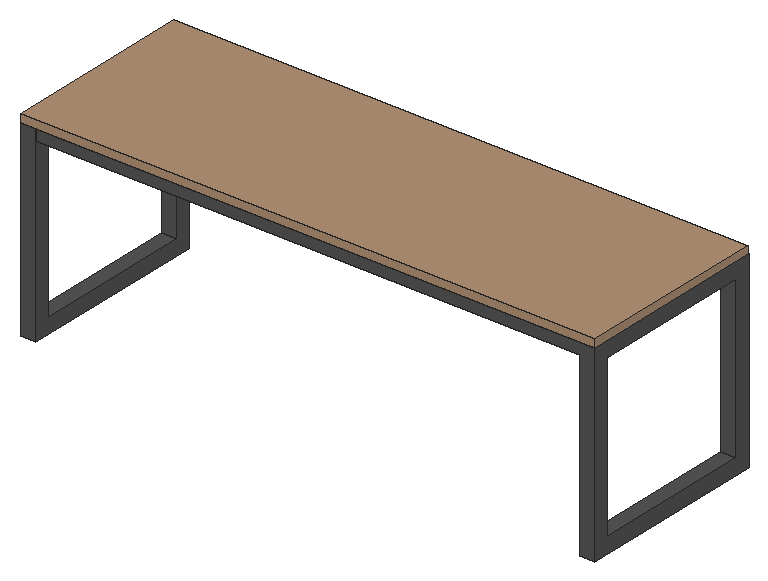
Revit family "Banco de Ferro 1", category Mobiliário, Revit 2019
Family settings
  Número OmniClass = 23.40.20.00
  Título OmniClass = General Furniture and Specialties
  Com base no plano de trabalho = Não
  Sempre na vertical = Sim
  Corte com vazios quando carregada = Não
  Compartilhado = Não
  Ponto de cálculo do ambiente = Não
Parameters
  Tampo = Madeira Rústica
  Profundidade [instance] = 50 cm
  Largura [instance] = 150 cm
  Estrutura = Ferro Preto
Reference planes (cm)
  plane 1 "Centro (Frente/Trás)": y = 0
  plane 2: z = 0
  plane 3 "Centro (Esquerda/Direita)": x = 0
  plane 4: x = 75
  plane 5: y = -50
  plane 6: x = -0.8339
  plane 7: x = -75
Forms (cm)
  Extrusion 1, solid, material "Ferro Preto" <- "Estrutura", not visible
    sketch origin (0, 0, 0) x (0, 1, 0) y (0, 0, 1)
      loop
        line (0, 0) -> (0, 50) -> (-73.3459, 50) -> (-73.3459, 0) -> (0, 0)
      loop
        line (-69.3459, 4) -> (-4, 4) -> (-4, 46) -> (-69.3459, 46) -> (-69.3459, 4)
    from 0 to 4
  Extrusion 2, solid, material "Ferro Preto" <- "Estrutura"
    sketch origin (71, 0, 0) x (0, 1, 0) y (0, 0, 1)
      loop
        line (0, 0) -> (0, 50) -> (-50, 50) -> (-50, 0) -> (0, 0)
      loop
        line (-46, 4) -> (-4, 4) -> (-4, 46) -> (-46, 46) -> (-46, 4)
    from 0 to 4
  Extrusion 3, solid, material "Ferro Preto" <- "Estrutura"
    sketch origin (-75, 0, 47) x (1, 0, 0) y (0, 1, 0)
      loop
        line (0, -50) -> (150, -50) -> (150, 0) -> (0, 0) -> (0, -50)
      loop
        line (147, -3) -> (75.6661, -3) -> (75.6661, -47) -> (147, -47) -> (147, -3)
      loop
        line (3, -3) -> (3, -47) -> (72.6661, -47) -> (72.6661, -3) -> (3, -3)
    from 0 to 3
  Extrusion 4, solid, material "Madeira Rústica" <- "Tampo"
    sketch origin (-75, 0, 50) x (1, 0, 0) y (0, 1, 0)
      loop
        line (0, -50) -> (150, -50) -> (150, 0) -> (0, 0) -> (0, -50)
    from 0 to 2
  Extrusion 5, solid, material "Ferro Preto" <- "Estrutura", not visible
    sketch origin (0, 0, 44) x (1, 0, 0) y (0, 1, 0)
      loop
        line (0, -50) -> (184, -50) -> (184, 0) -> (0, 0) -> (0, -50)
      loop
        line (181, -3) -> (93.5, -3) -> (93.5, -47) -> (181, -47) -> (181, -3)
      loop
        line (3, -3) -> (3, -47) -> (90.5, -47) -> (90.5, -3) -> (3, -3)
    from 0 to 3
  Extrusion 6, solid, material "Madeira Rústica" <- "Tampo", not visible
    sketch origin (0, 0, 47) x (1, 0, 0) y (0, 1, 0)
      loop
        line (4, -50) -> (180, -50) -> (180, 0) -> (4, 0) -> (4, -50)
    from 0 to 2
  Extrusion 7, solid, material "Ferro Preto" <- "Estrutura", not visible
    sketch origin (71, 0, 0) x (0, 1, 0) y (0, 0, 1)
      loop
        line (0, 0) -> (0, 50) -> (-50, 50) -> (-50, 0) -> (0, 0)
      loop
        line (-46, 4) -> (-4, 4) -> (-4, 46) -> (-46, 46) -> (-46, 4)
    from 0 to 4
  Extrusion 8, solid, material "Ferro Preto" <- "Estrutura"
    sketch origin (-75, 0, 0) x (0, 1, 0) y (0, 0, 1)
      loop
        line (0, 0) -> (0, 50) -> (-50, 50) -> (-50, 0) -> (0, 0)
      loop
        line (-46, 4) -> (-4, 4) -> (-4, 46) -> (-46, 46) -> (-46, 4)
    from 0 to 4
Cuts and joins
  joined: Extrusion 2, Extrusion 3
Dimensions and locks (cm)
  locked: Extrusion 3 sketch curve to Extrusion 3 sketch curve at 3  (x2)
  "Largura": plane 7 to plane 4
  equal spacing: plane 7, plane 3 "Centro (Esquerda/Direita)", plane 4
  "Profundidade": plane 1 "Centro (Frente/Trás)" to plane 5
  locked: Extrusion 2 sketch curve to Extrusion 2 sketch curve at 4
  locked: Extrusion 1 sketch curve to Extrusion 1 sketch curve at 4
  locked: Extrusion 7 sketch curve to Extrusion 7 sketch curve at 4
  locked: Extrusion 8 sketch curve to Extrusion 8 sketch curve at 4
  aligned and locked: level to plane 2
  aligned and locked: plane 4 to Extrusion 2
  aligned and locked: plane 4 to Extrusion 4
  aligned and locked: Extrusion 4 to cut or joined group of Extrusion 2, Extrusion 3
  aligned and locked: plane 4 to Extrusion 3 sketch curve
  aligned and locked: cut or joined group of Extrusion 2, Extrusion 3 to Extrusion 4
  aligned and locked: Extrusion 8 to plane 7
Automatic sketch dimensions
  Extrusion 2 sketch curve to Extrusion 2 sketch curve = 42 cm  (x2)
  Extrusion 2 sketch curve to Extrusion 2 sketch curve = 4 cm  (x3)
  Extrusion 1 sketch curve to Extrusion 1 sketch curve = 65.3459 cm
  Extrusion 1 sketch curve to Extrusion 1 sketch curve = 4 cm  (x3)
  Extrusion 1 sketch curve to Extrusion 1 sketch curve = 42 cm
  Extrusion 7 sketch curve to Extrusion 7 sketch curve = 42 cm  (x2)
  Extrusion 7 sketch curve to Extrusion 7 sketch curve = 4 cm  (x3)
  Extrusion 8 sketch curve to Extrusion 8 sketch curve = 42 cm  (x2)
  Extrusion 8 sketch curve to Extrusion 8 sketch curve = 4 cm  (x3)
  plane 1 "Centro (Frente/Trás)" to Extrusion 3 sketch curve = 0 cm
  Extrusion 3 sketch curve to plane 7 = 0 cm
  Extrusion 3 sketch curve to plane 5 = 0 cm
  plane 7 to Extrusion 3 sketch curve = 3 cm
  plane 6 to Extrusion 3 sketch curve = 1.5 cm
  plane 5 to Extrusion 3 sketch curve = 3 cm
  Extrusion 3 sketch curve to Extrusion 3 sketch curve = 0 cm
  plane 1 "Centro (Frente/Trás)" to Extrusion 3 sketch curve = 3 cm  (x2)
  plane 1 "Centro (Frente/Trás)" to Extrusion 4 sketch curve = 0 cm
  Extrusion 4 sketch curve to plane 7 = 0 cm
  Extrusion 4 sketch curve to plane 4 = 0 cm
  Extrusion 4 sketch curve to plane 5 = 0 cm
